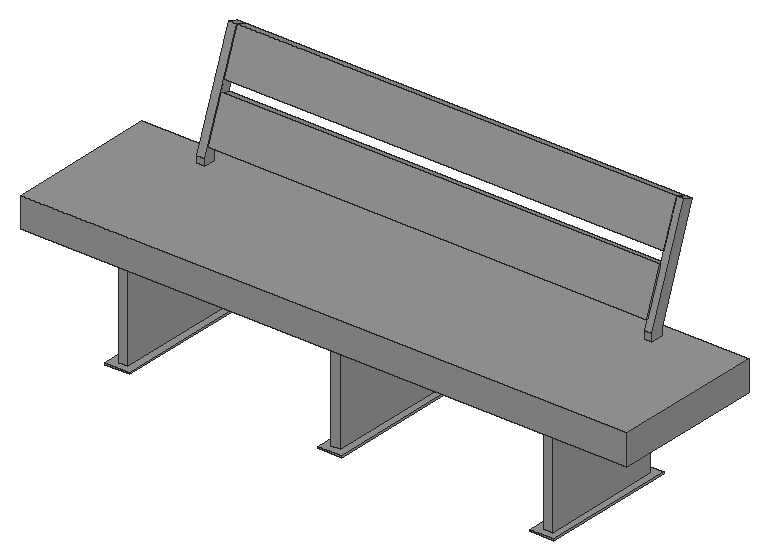
Revit family "Скамейка стальная «Адонис»  Арт 14146", category Антураж, Revit 2018
Family settings
  На основе рабочей плоскости = Нет
  Всегда вертикально = Да
  При загрузке вырезать с полостями = Нет
  Источник визуального образа = Геометрия семейства
  Общий = Нет
  Точка расчета площади = Нет
Parameters (values of type "Односторонняя")
  Ширина = if(Односторонняя, 580 mm, 659 mm)  # 580 mm
  Цвет опоры = Сталь
  Цвет лавки = Дерево
  Описание = if(Односторонняя, "Скамейка стальная «Адонис». Версия 2,0 м. Односторонняя", "Скамейка стальная «Адонис». Версия 2,0 м. Двухсторонняя")  # "Скамейка стальная «Адонис». Версия 2,0 м. Односторонняя"
  Односторонняя = yes
  Материал изделия = "Сталь, дерево"  # constant formula
  Изображение типоразмера = Скамейка стальная «Адонис»  Арт 14146 Односторонняя.jpg
  Изготовитель = "ООО «Хоббика»"  # constant formula
  Длина = 2000 mm  # constant formula
  Двухсторонняя = not(Односторонняя)  # no
  Группа модели = "Скамейки"  # constant formula
  Высота = 784 mm  # constant formula
  Артикул товара = "Арт. 14146"  # constant formula
  URL = "https://hobbyka.ru/product/skameyka_adonis/"
Types (3, lengths in mm): name | Ширина | Описание | Односторонняя | Изображение типоразмера | Двухсторонняя
  (no name) | 580 | "Скамейка стальная «Адонис». Версия 2,0 м. Односторонняя" | yes | Скамейка стальная «Адонис»  Арт 14146 Односторонняя.jpg | no
  Односторонняя | 580 | "Скамейка стальная «Адонис». Версия 2,0 м. Односторонняя" | yes | Скамейка стальная «Адонис»  Арт 14146 Односторонняя.jpg | no
  Двухсторонняя | 659 | "Скамейка стальная «Адонис». Версия 2,0 м. Двухсторонняя" | no | Скамейка стальная «Адонис»  Арт 14146 Двухсторонняя.jpg | yes
Reference planes
  plane 1 "По центру (Вперед/Назад)": y = 0
  plane 2: z = 0
  plane 3 "По центру (Влево/Вправо)": x = 0
  plane 4: x = 2000
  plane 5: y = 580
  plane 6: z = 784
Dimensions and locks
  "Ширина": plane 5 to plane 1 "По центру (Вперед/Назад)"
  "Длина": plane 3 "По центру (Влево/Вправо)" to plane 4
  "Высота": plane 6 to plane 2
  aligned and locked: level to plane 2
  aligned and locked: plane 3 "По центру (Влево/Вправо)" to nested 1
  aligned and locked: plane 1 "По центру (Вперед/Назад)" to nested 1
Nested families
  nested 1: "Скамейка стальная «Адонис»  Арт 14146 Двухсторонняя" at (0, 0, 0), visible <- "Двухсторонняя", type "Скамейка стальная «Адонис»  Арт 14146 Двухсторонняя"
  nested 2: "Скамейка стальная «Адонис»  Арт 14146 Односторонняя" at (0, 0, 0), visible <- "Односторонняя", type "Скамейка стальная «Адонис»  Арт 14146 Односторонняя"
Definition of nested family "Скамейка стальная «Адонис»  Арт 14146 Двухсторонняя"
  Parameters (values of type "Скамейка стальная «Адонис»  Арт 14146 Двухсторонняя")
    Ширина = 659 mm
    Цвет опоры = none
    Цвет лавки = none
    Длина = 2000 mm
    Height = 0 mm
  Reference planes
    plane 1 "По центру (Вперед/Назад)": y = 0
    plane 2: z = 0
    plane 3 "По центру (Влево/Вправо)": x = 0
    plane 4: x = 2000
    plane 5: y = 659
    plane 6: x = 500
    plane 7: x = 1000
    plane 8: x = 1500
  Forms (mm)
    Extrusion 1, solid, material <- "Цвет лавки"
      sketch origin (0, 79.5, 0) x (0, 1, 0) y (0, 0, 1)
        loop
          line (0, 420) -> (0, 320) -> (500, 320) -> (500, 420) -> (0, 420)
      from 0 to 2000
  Dimensions and locks
    "Ширина": plane 5 to plane 1 "По центру (Вперед/Назад)"
    "Длина": plane 3 "По центру (Влево/Вправо)" to plane 4
    plane 3 "По центру (Влево/Вправо)" to plane 6 to plane 7 to plane 8 to plane 4 = 500 mm, 500 mm, 500 mm, 500 mm
    plane 3 "По центру (Влево/Вправо)" to nested 1 to nested 1 to plane 7 = 125 mm, 750 mm, 125 mm
    aligned and locked: level to plane 2
    aligned and locked: plane 4 to Extrusion 1
    aligned and locked: plane 6 to nested 2
    aligned and locked: plane 7 to nested 3
    aligned and locked: plane 8 to nested 4
  Automatic sketch dimensions
    Extrusion 1 sketch curve to plane 1 "По центру (Вперед/Назад)" = 79.5 mm
    Extrusion 1 sketch curve to plane 5 = 79.5 mm
    level to Extrusion 1 sketch curve = 320 mm
    Extrusion 1 sketch curve to Extrusion 1 sketch curve = 100 mm
  Nested families
    nested 1: "Скамейка стальная «Адонис»  Арт 14146 спинка" at (125, 79, 0), type "Скамейка стальная «Адонис»  Арт 14146 спинка"
      with Длина 750 mm
    nested 2: "Скамейка стальная «Адонис»  Арт 14146 опора" at (500, 79.5, 0), type "Скамейка стальная «Адонис»  Арт 14146 опора"
    nested 3: "Скамейка стальная «Адонис»  Арт 14146 опора" at (1000, 79.5, 0), type "Скамейка стальная «Адонис»  Арт 14146 опора"
    nested 4: "Скамейка стальная «Адонис»  Арт 14146 опора" at (1500, 79.5, 0), type "Скамейка стальная «Адонис»  Арт 14146 опора"
    nested 5: "Скамейка стальная «Адонис»  Арт 14146 спинка" at (1125, 580, 0), type "Скамейка стальная «Адонис»  Арт 14146 спинка"
      with Длина 750 mm
  Definition of nested family "Скамейка стальная «Адонис»  Арт 14146 спинка"
    Parameters (values of type "Скамейка стальная «Адонис»  Арт 14146 спинка")
      Цвет опоры = none
      Цвет лавки = none
      Длина = 1500 mm
      Height = 0 mm
    Reference planes
      plane 1 "По центру (Вперед/Назад)": y = 0
      plane 2: z = 0
      plane 3 "По центру (Влево/Вправо)": x = 0
      plane 4: y = 500
      plane 5: x = 1500
      plane 6: x = 25
      plane 7: x = 1475
    Forms (mm)
      Extrusion 1, solid, material <- "Цвет опоры"
        sketch origin (0, 0, 0) x (0, 1, 0) y (0, 0, 1)
          loop
            line (454.685, 420) -> (454.685, 445) -> (580, 771.457) -> (547.325, 784) -> (416.128, 442.22) -> (416.128, 420) -> (454.685, 420)
        from 0 to 25
      Extrusion 2, solid, material <- "Цвет опоры"
        sketch origin (0, 0, 0) x (0, 1, 0) y (0, 0, 1)
          loop
            line (454.685, 420) -> (454.685, 445) -> (580, 771.457) -> (547.325, 784) -> (416.128, 442.22) -> (416.128, 420) -> (454.685, 420)
        from 1475 to 1500
      Extrusion 3, solid, material <- "Цвет лавки"
        sketch origin (0, 0, 0) x (0, 1, 0) y (0, 0, 1)
          loop
            line (427.271, 471.251) -> (459.947, 458.708) -> (513.702, 598.745) -> (481.027, 611.288) -> (427.271, 471.251)
          loop
            line (547.325, 784) -> (493.569, 643.963) -> (526.245, 631.42) -> (580, 771.457) -> (547.325, 784)
        from 25 to 1475
    Dimensions and locks
      "Длина": plane 3 "По центру (Влево/Вправо)" to plane 5
      locked: plane 3 "По центру (Влево/Вправо)" to plane 6 at 25
      locked: plane 7 to plane 5 at 25
      aligned and locked: level to plane 2
      aligned and locked: plane 6 to Extrusion 1
      aligned and locked: plane 5 to Extrusion 2
      aligned and locked: Extrusion 2 to plane 7
      aligned and locked: Extrusion 3 to plane 6
      aligned and locked: plane 7 to Extrusion 3
    Automatic sketch dimensions
      Extrusion 3 sketch curve to plane 4 = 72.729 mm
      plane 4 to Extrusion 3 sketch curve = 47.325 mm
      Extrusion 3 sketch curve to plane 4 = 6.431 mm
      plane 4 to Extrusion 3 sketch curve = 13.702 mm
      Extrusion 3 sketch curve to Extrusion 3 sketch curve = 12.543 mm  (x3)
      Extrusion 3 sketch curve to Extrusion 3 sketch curve = 32.675 mm  (x2)
      level to Extrusion 3 sketch curve = 458.708 mm
      Extrusion 1 sketch curve to plane 4 = 83.872 mm
      plane 4 to Extrusion 1 sketch curve = 47.325 mm
      level to Extrusion 1 sketch curve = 420 mm
      Extrusion 1 sketch curve to Extrusion 1 sketch curve = 22.22 mm
      Extrusion 1 sketch curve to Extrusion 1 sketch curve = 25 mm
      Extrusion 1 sketch curve to Extrusion 1 sketch curve = 12.543 mm
      Extrusion 1 sketch curve to Extrusion 1 sketch curve = 38.557 mm
      Extrusion 2 sketch curve to plane 4 = 83.872 mm
      Extrusion 2 sketch curve to Extrusion 2 sketch curve = 38.557 mm
      plane 4 to Extrusion 2 sketch curve = 47.325 mm
      Extrusion 2 sketch curve to Extrusion 2 sketch curve = 32.675 mm
      level to Extrusion 2 sketch curve = 420 mm
      Extrusion 2 sketch curve to Extrusion 2 sketch curve = 22.22 mm
      Extrusion 2 sketch curve to Extrusion 2 sketch curve = 25 mm
  Definition of nested family "Скамейка стальная «Адонис»  Арт 14146 опора"
    Parameters (values of type "Скамейка стальная «Адонис»  Арт 14146 опора")
      Цвет опоры = none
      Height = 0 mm
    Reference planes
      plane 1 "По центру (Вперед/Назад)": y = 0
      plane 2: z = 0
      plane 3 "По центру (Влево/Вправо)": x = 0
      plane 4: y = 500
    Forms (mm)
      Extrusion 1, solid, material <- "Цвет опоры"
        sketch origin (0, 0, 0) x (1, 0, 0) y (0, 1, 0)
          loop
            line (-15, 450) -> (-15, 50) -> (15, 50) -> (15, 450) -> (-15, 450)
        from 5 to 320
      Extrusion 2, solid, material <- "Цвет опоры"
        sketch origin (0, 0, 0) x (1, 0, 0) y (0, 1, 0)
          loop
            line (40, 475) -> (-40, 475) -> (-40, 25) -> (40, 25) -> (40, 475)
        from 0 to 5
    Dimensions and locks
      aligned and locked: level to plane 2
Definition of nested family "Скамейка стальная «Адонис»  Арт 14146 Односторонняя"
  Parameters (values of type "Скамейка стальная «Адонис»  Арт 14146 Односторонняя")
    Ширина = 580 mm
    Цвет опоры = none
    Цвет лавки = none
    Длина = 2000 mm
    Height = 0 mm
  Reference planes
    plane 1 "По центру (Вперед/Назад)": y = 0
    plane 2: z = 0
    plane 3 "По центру (Влево/Вправо)": x = 0
    plane 4: x = 2000
    plane 5: y = 580
    plane 6: x = 300
    plane 7: x = 1000
    plane 8: x = 1700
  Forms (mm)
    Extrusion 1, solid, material <- "Цвет лавки"
      sketch origin (0, 0, 0) x (0, 1, 0) y (0, 0, 1)
        loop
          line (0, 420) -> (0, 320) -> (500, 320) -> (500, 420) -> (0, 420)
      from 0 to 2000
  Dimensions and locks
    "Ширина": plane 5 to plane 1 "По центру (Вперед/Назад)"
    "Длина": plane 3 "По центру (Влево/Вправо)" to plane 4
    plane 3 "По центру (Влево/Вправо)" to plane 6 to plane 7 to plane 8 to plane 4 = 300 mm, 700 mm, 700 mm, 300 mm
    aligned and locked: level to plane 2
    aligned and locked: plane 4 to Extrusion 1
    aligned and locked: plane 6 to nested 2
    aligned and locked: plane 7 to nested 3
    aligned and locked: plane 8 to nested 4
  Automatic sketch dimensions
    Extrusion 1 sketch curve to plane 1 "По центру (Вперед/Назад)" = 0 mm
    Extrusion 1 sketch curve to plane 5 = 80 mm
    level to Extrusion 1 sketch curve = 320 mm
    Extrusion 1 sketch curve to Extrusion 1 sketch curve = 100 mm
  Nested families
    nested 1: "Скамейка стальная «Адонис»  Арт 14146 спинка" at (250, 0, 0), type "Скамейка стальная «Адонис»  Арт 14146 спинка"
    nested 2: "Скамейка стальная «Адонис»  Арт 14146 опора" at (300, 0, 0), type "Скамейка стальная «Адонис»  Арт 14146 опора"
    nested 3: "Скамейка стальная «Адонис»  Арт 14146 опора" at (1000, 0, 0), type "Скамейка стальная «Адонис»  Арт 14146 опора"
    nested 4: "Скамейка стальная «Адонис»  Арт 14146 опора" at (1700, 0, 0), type "Скамейка стальная «Адонис»  Арт 14146 опора"
  Definition of nested family "Скамейка стальная «Адонис»  Арт 14146 спинка"
    Parameters (values of type "Скамейка стальная «Адонис»  Арт 14146 спинка")
      Цвет опоры = none
      Цвет лавки = none
      Длина = 1500 mm
      Height = 0 mm
    Reference planes
      plane 1 "По центру (Вперед/Назад)": y = 0
      plane 2: z = 0
      plane 3 "По центру (Влево/Вправо)": x = 0
      plane 4: y = 500
      plane 5: x = 1500
      plane 6: x = 25
      plane 7: x = 1475
    Forms (mm)
      Extrusion 1, solid, material <- "Цвет опоры"
        sketch origin (0, 0, 0) x (0, 1, 0) y (0, 0, 1)
          loop
            line (454.685, 420) -> (454.685, 445) -> (580, 771.457) -> (547.325, 784) -> (416.128, 442.22) -> (416.128, 420) -> (454.685, 420)
        from 0 to 25
      Extrusion 2, solid, material <- "Цвет опоры"
        sketch origin (0, 0, 0) x (0, 1, 0) y (0, 0, 1)
          loop
            line (454.685, 420) -> (454.685, 445) -> (580, 771.457) -> (547.325, 784) -> (416.128, 442.22) -> (416.128, 420) -> (454.685, 420)
        from 1475 to 1500
      Extrusion 3, solid, material <- "Цвет лавки"
        sketch origin (0, 0, 0) x (0, 1, 0) y (0, 0, 1)
          loop
            line (427.271, 471.251) -> (459.947, 458.708) -> (513.702, 598.745) -> (481.027, 611.288) -> (427.271, 471.251)
          loop
            line (547.325, 784) -> (493.569, 643.963) -> (526.245, 631.42) -> (580, 771.457) -> (547.325, 784)
        from 25 to 1475
    Dimensions and locks
      "Длина": plane 3 "По центру (Влево/Вправо)" to plane 5
      locked: plane 3 "По центру (Влево/Вправо)" to plane 6 at 25
      locked: plane 7 to plane 5 at 25
      aligned and locked: level to plane 2
      aligned and locked: plane 6 to Extrusion 1
      aligned and locked: plane 5 to Extrusion 2
      aligned and locked: Extrusion 2 to plane 7
      aligned and locked: Extrusion 3 to plane 6
      aligned and locked: plane 7 to Extrusion 3
    Automatic sketch dimensions
      Extrusion 3 sketch curve to plane 4 = 72.729 mm
      plane 4 to Extrusion 3 sketch curve = 47.325 mm
      Extrusion 3 sketch curve to plane 4 = 6.431 mm
      plane 4 to Extrusion 3 sketch curve = 13.702 mm
      Extrusion 3 sketch curve to Extrusion 3 sketch curve = 12.543 mm  (x3)
      Extrusion 3 sketch curve to Extrusion 3 sketch curve = 32.675 mm  (x2)
      level to Extrusion 3 sketch curve = 458.708 mm
      Extrusion 1 sketch curve to plane 4 = 83.872 mm
      plane 4 to Extrusion 1 sketch curve = 47.325 mm
      level to Extrusion 1 sketch curve = 420 mm
      Extrusion 1 sketch curve to Extrusion 1 sketch curve = 22.22 mm
      Extrusion 1 sketch curve to Extrusion 1 sketch curve = 25 mm
      Extrusion 1 sketch curve to Extrusion 1 sketch curve = 12.543 mm
      Extrusion 1 sketch curve to Extrusion 1 sketch curve = 38.557 mm
      Extrusion 2 sketch curve to plane 4 = 83.872 mm
      Extrusion 2 sketch curve to Extrusion 2 sketch curve = 38.557 mm
      plane 4 to Extrusion 2 sketch curve = 47.325 mm
      Extrusion 2 sketch curve to Extrusion 2 sketch curve = 32.675 mm
      level to Extrusion 2 sketch curve = 420 mm
      Extrusion 2 sketch curve to Extrusion 2 sketch curve = 22.22 mm
      Extrusion 2 sketch curve to Extrusion 2 sketch curve = 25 mm
  Definition of nested family "Скамейка стальная «Адонис»  Арт 14146 опора"
    Parameters (values of type "Скамейка стальная «Адонис»  Арт 14146 опора")
      Цвет опоры = none
      Height = 0 mm
    Reference planes
      plane 1 "По центру (Вперед/Назад)": y = 0
      plane 2: z = 0
      plane 3 "По центру (Влево/Вправо)": x = 0
      plane 4: y = 500
    Forms (mm)
      Extrusion 1, solid, material <- "Цвет опоры"
        sketch origin (0, 0, 0) x (1, 0, 0) y (0, 1, 0)
          loop
            line (-15, 450) -> (-15, 50) -> (15, 50) -> (15, 450) -> (-15, 450)
        from 5 to 320
      Extrusion 2, solid, material <- "Цвет опоры"
        sketch origin (0, 0, 0) x (1, 0, 0) y (0, 1, 0)
          loop
            line (40, 475) -> (-40, 475) -> (-40, 25) -> (40, 25) -> (40, 475)
        from 0 to 5
    Dimensions and locks
      aligned and locked: level to plane 2
